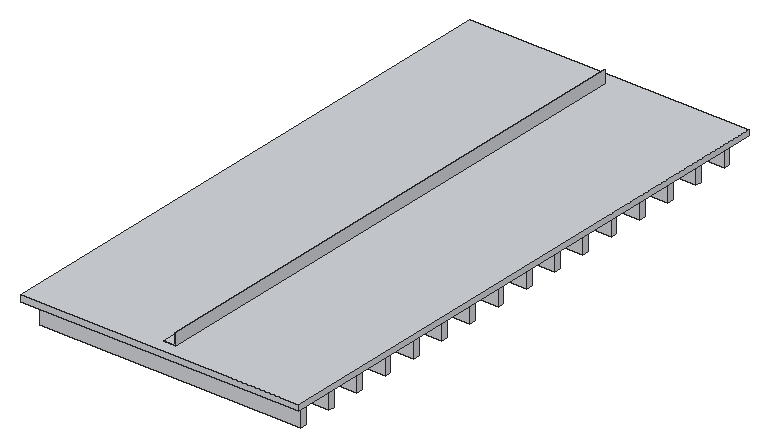
Revit family "J2 PET Felt Drop In Baffle Tile", category Specialty Equipment, Revit 2021
Family settings
  Round Connector Dimension = Use Diameter
  Part Type = Normal
  Work Plane-Based = No
  Always vertical = Yes
  Cut with Voids When Loaded = No
  Shared = No
  Room Calculation Point = No
Parameters (values of type "2'x4' Tile")
  Nominal Width = 2' - 0"
  URL = "https://www.j2systems.net/"
  Symbol Name = "CSBT24"
  Style Number = "CSBT24"
  Release Date = "2020"
  Product Line = "Ceiling System"
  Number of slats = 16
  Model = "Drop-in Baffle Tile 2x4"
  Manufacturer = "J2 Systems"  # constant formula
  Nominal Length = 4' - 0"
  Felt Color - Fins = none
  Felt Color - Back Panel = none
  Default Elevation = 0' - 0"
Types (2): name | Symbol Name | Style Number | Number of slats | Model | Nominal Length
  2'x4' Tile | "CSBT24" | "CSBT24" | 16 | "Drop-in Baffle Tile 2x4" | 4' - 0"
  2'x2' Tile | "CSBT22" | "CSBT22" | 8 | "Drop-in Baffle Tile 2x2" | 2' - 0"
Reference planes (in)
  plane 1 "Center (Front/Back)": y = 0
  plane 2: z = 0
  plane 3 "Center (Left/Right)": x = 0
  plane 4: x = 24
  plane 5: y = -48
  plane 6: x = 12
Forms (in)
  Extrusion 1, solid, material <- "Felt Color - Back Panel"
    sketch origin (0, 0, 0) x (1, 0, 0) y (0, 1, 0)
      loop
        line (0.15625, -0.15625) -> (0.15625, -47.84375) -> (23.84375, -47.84375) -> (23.84375, -0.15625) -> (0.15625, -0.15625)
    from 0 to 0.5
  Sweep 2, solid
    path origin (0, 0, 0) x (1, 0, 0) y (0, 1, 0)
      loop
        line (12.5, -1.25) -> (12.5, -46.75)
    profile origin (12.5, -24, 0) x (1, 0, 0) y (0, 0, 1)
      loop
        line (0, 0.5) -> (0, 1.5) -> (-0.0625, 1.5) -> (-0.0625, 0.5625) -> (-1, 0.5625) -> (-1, 0.5) -> (0, 0.5)
Lines and regions (in)
  model lines, style "InvisibleLines"
    curve 1: line (0, 0, 0) -> (24, 0, 0)
    curve 2: line (0, -48, 0) -> (0, 0, 0)
    curve 3: line (24, -48, 0) -> (0, -48, 0)
    curve 4: line (24, 0, 0) -> (24, -48, 0)
Dimensions and locks (in)
  Sweep 2 sketch curve to Sweep 2 sketch curve to Sweep 2 sketch curve to level = 0' - 0 15/16" locked, 0' - 0 1/16" locked, 0' - 0 1/2" locked
  locked: plane 6 to Sweep 2 sketch curve at 0.5
  equal spacing: group 1, group 3, group 4, group 5, group 6, group 7, group 8, group 9, group 10, group 11, group 12, group 13, group 14, group 15, group 16, group 2  (x2)
  equal spacing: group 2, group 16, group 15, group 14, group 13, group 12, group 11, group 10, group 9, group 8, group 7, group 6, group 5, group 4, group 3, group 1
  locked: nested 1 to plane 1 "Center (Front/Back)" at 1.5
  locked: plane 5 to nested 2 at 1.5
  locked: Extrusion 1 sketch curve to plane 5 at 0.15625
  locked: Extrusion 1 sketch curve to plane 4 at 0.15625
  locked: plane 3 "Center (Left/Right)" to Extrusion 1 sketch curve at 0.15625
  "Nominal Width": plane 3 "Center (Left/Right)" to plane 4
  "Nominal Length": plane 5 to plane 1 "Center (Front/Back)"
  equal spacing: plane 3 "Center (Left/Right)", plane 6, plane 4
  aligned and locked: plane 2 to level
  aligned and locked: nested 1 to Sweep 2 sketch curve
  aligned and locked: nested 2 to Sweep 2 sketch curve
Automatic sketch dimensions
  profile plane to Sweep 2 sketch curve = 0' - 0"
  profile plane to Sweep 2 sketch curve = 0' - 0 1/16"
  Sweep 2 sketch curve to Sweep 2 sketch curve = 0' - 0 15/16"
  plane 1 "Center (Front/Back)" to Extrusion 1 sketch curve = 0' - 0 5/32"
  curve 3 to plane 3 "Center (Left/Right)" = 0' - 0"
  curve 3 to plane 4 = 0' - 0"
  curve 3 to plane 5 = 0' - 0"
  plane 1 "Center (Front/Back)" to curve 2 = 0' - 0"
Nested families (in)
  nested 1: "PET Felt Baffle 2in drop" at (12, -1.5, 0), type "Slat 1/2" x 1'-10 3/16""
  nested 2: "PET Felt Baffle 2in drop" at (12, -46.5, 0), type "Slat 1/2" x 1'-10 3/16""
  nested 3: "PET Felt Baffle 2in drop" at (12, -4.5, 0), type "Slat 1/2" x 1'-10 3/16""
  nested 4: "PET Felt Baffle 2in drop" at (12, -7.5, 0), type "Slat 1/2" x 1'-10 3/16""
  nested 5: "PET Felt Baffle 2in drop" at (12, -10.5, 0), type "Slat 1/2" x 1'-10 3/16""
  nested 6: "PET Felt Baffle 2in drop" at (12, -13.5, 0), type "Slat 1/2" x 1'-10 3/16""
  nested 7: "PET Felt Baffle 2in drop" at (12, -16.5, 0), type "Slat 1/2" x 1'-10 3/16""
  nested 8: "PET Felt Baffle 2in drop" at (12, -19.5, 0), type "Slat 1/2" x 1'-10 3/16""
  nested 9: "PET Felt Baffle 2in drop" at (12, -22.5, 0), type "Slat 1/2" x 1'-10 3/16""
  nested 10: "PET Felt Baffle 2in drop" at (12, -25.5, 0), type "Slat 1/2" x 1'-10 3/16""
  nested 11: "PET Felt Baffle 2in drop" at (12, -28.5, 0), type "Slat 1/2" x 1'-10 3/16""
  nested 12: "PET Felt Baffle 2in drop" at (12, -31.5, 0), type "Slat 1/2" x 1'-10 3/16""
  nested 13: "PET Felt Baffle 2in drop" at (12, -34.5, 0), type "Slat 1/2" x 1'-10 3/16""
  nested 14: "PET Felt Baffle 2in drop" at (12, -37.5, 0), type "Slat 1/2" x 1'-10 3/16""
  nested 15: "PET Felt Baffle 2in drop" at (12, -40.5, 0), type "Slat 1/2" x 1'-10 3/16""
  nested 16: "PET Felt Baffle 2in drop" at (12, -43.5, 0), type "Slat 1/2" x 1'-10 3/16""
Definition of nested family "PET Felt Baffle 2in drop"
  Parameters (values of type "Slat 1/2" x 1'-10 3/16"")
    Width = 1' - 10 3/16"
    URL = "https://www.j2systems.net/"
    Symbol Name = ""
    Style Number = ""
    Release Date = ""
    Product Line = "J2 PET Felt Slat Linear System"
    Model = "PET Felt Slat"
    Manufacturer = "J2 Systems"  # constant formula
    Length = 0' - 0 1/2"
    Felt Color = none
    Default Elevation = 0' - 0"
  Reference planes (in)
    plane 1 "Center (Front/Back)": y = 0
    plane 2: z = 0
    plane 3 "Center (Left/Right)": x = 0
    plane 4: y = 0.25
    plane 5: y = -0.25
    plane 6: x = -11.09375
    plane 7: x = 11.09375
  Forms (in)
    Extrusion 1, solid, material <- "Felt Color"
      sketch origin (2.375, 0, 0) x (1, 0, 0) y (0, 1, 0)
        loop
          line (-13.46875, 0.25) -> (-13.46875, -0.25) -> (8.71875, -0.25) -> (8.71875, 0.25) -> (-13.46875, 0.25)
      from 0 to -2
  Dimensions and locks (in)
    equal spacing: plane 4, plane 1 "Center (Front/Back)", plane 5
    equal spacing: plane 6, plane 3 "Center (Left/Right)", plane 7
    "Length": plane 4 to plane 5
    "Width": plane 6 to plane 7
    aligned and locked: plane 2 to level
    aligned and locked: Extrusion 1 to plane 6
    aligned and locked: plane 4 to Extrusion 1
    aligned and locked: Extrusion 1 to plane 5
    aligned and locked: Extrusion 1 sketch curve to plane 7
    aligned and locked: Extrusion 1 sketch curve to plane 4
    aligned and locked: plane 6 to Extrusion 1 sketch curve
    aligned and locked: plane 5 to Extrusion 1 sketch curve
